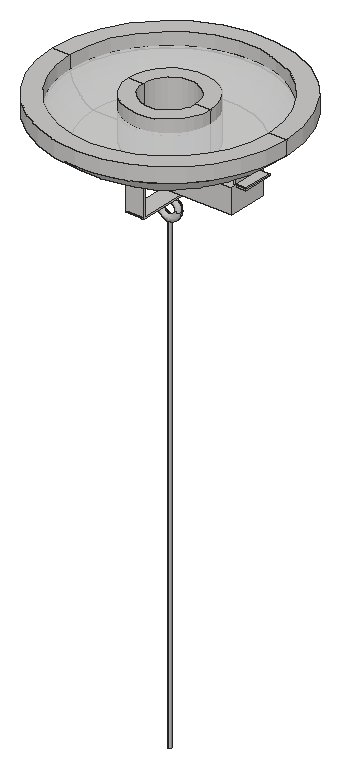
Revit family "0039316", category Lighting Fixtures, host Face, Revit 2017
Family settings
  Host = Face
  Round Connector Dimension = Use Diameter
  Part Type = Normal
  OmniClass Number = 23.80.70.11.17
  OmniClass Title = Specialized Lighting by Location or Use
  Cut with Voids When Loaded = No
  Light Source = Yes
  Shared = No
  Room Calculation Point = No
Parameters (values of type "START LED HIGHBAY 4000K 20KLM WIDE DALI")
  Weight = 4.5 kg
  Wattage = 190.012 W
  built-in parameter 1150110 = 1 (stored number, unit not read)
  Voltage Comments = "UNV (Universal Voltage; 220-240 Volt)"  # constant formula
  Voltage = 230 V  # constant formula
  URL = "https://www.sylvania-lighting.com"
  Radius = 200.0 mm
  Mounting Material = Metal_Sylvania_Start LED HighBay_Silver
  Mounting Height = 1000.0 mm
  Mounting Radius = 50.0 mm
  Mounting Brackets Distance = Radius - 68.0 mm  # 132.0 mm
  Mounting Bracket Width = Diameter - 250.0 mm  # 150.0 mm
  Mounting Bracket Length = 30.0 mm
  Housing Material = Magnesium_Sylvania_Start LED HighBay_Silver_RAL 9006
  Energy Class = "A++,A+,A"  # constant formula
  Electrical Protection = "CLASS I"  # constant formula
  Diffuser Radius = Radius - 30.0 mm  # 170.0 mm
  built-in parameter 1114217 = 1 (stored number, unit not read)
  Tilt Angle = -90°
  built-in parameter 1150109 = 1 (stored number, unit not read)
  built-in parameter 1150134 = 12
  built-in parameter 1150113 = 1 (stored number, unit not read)
  Product Page URL = "https://www.sylvania-lighting.com/product/en-int/products/0039316"
  Product Family = "Start LED Highbay"  # constant formula
  Photometry Comments = ""
  Photometric Web File = "0039316_STARTLEDHIGHBAY4000K20KLMWIDEDALI-207930.ies"
  Life = "50 000 h"  # constant formula
  IP Rating = "IP65"  # constant formula
  IK Rating = "IK08"  # constant formula
  Emit from Circle Diameter = Diffuser Diameter  # 340.0 mm
  Drive Current = "4200 mA"
  Diffuser Diameter = Diameter - 60.0 mm  # 340.0 mm
  Diffuser Material = Polycarbonate_Sylvania_Start LED HighBay_Clear
  built-in parameter 1114216 [instance] = 1 (stored number, unit not read)
  Model = "START LED HIGHBAY 4000K 20KLM WIDE DALI"
  Manufacturer = "Feilo-Sylvania Group"
  built-in parameter 1150105 = 1716.8 (stored number, unit not read)
  Lumens = 21574 lm
  built-in parameter 1150115 = 1 (stored number, unit not read)
  built-in parameter 1150137 = (empty or 0)
  built-in parameter 1150139 = (empty or 0)
  built-in parameter 1150112 = 1 (stored number, unit not read)
  built-in parameter 1150114 = 1 (stored number, unit not read)
  Lamp = "LED Panel"  # constant formula
  built-in parameter 1150132 = 2
  built-in parameter 1150102 = (empty or 0)
  built-in parameter 1150107 = 4000 (stored number, unit not read)
  built-in parameter 1150138 = (empty or 0)
  built-in parameter 1150106 = 17.168 (stored number, unit not read)
  Diameter = Radius * 2  # 400.0 mm
  Emit Shape Visible in Rendering = yes
  built-in parameter 1150104 = 10.548 (stored number, unit not read)
  Dimming Lamp Color Temperature Shift = <None>
  Description = "The new Start LED Highbay is a range of industrial fixtures developed for retail, industry, manufacturing, airports and data centres. Start LED Highbay delivers high performance: up to 21,573 lm (luminaire lumen output on 190W version) and delivers up to 114 lm/W (total system efficiency). Start LED Highbay is available in 2 versions (95W or 190W) and 2 beam angles (medium or wide beam), allowing you to choose the best option depending the job on hand. Being part of the EVO LED range of luminaires means Start LED Highbay has been developed for efficiency, functionality and reliability; making it the go-to range for installers and contractors."  # constant formula
  Default Elevation = 0.0 mm
  Color Filter = 16777215
  Catalog Number = "0039316 START LED HIGHBAY 4000K 20KLM WIDE DALI"
  built-in parameter 1140040 [instance] = 1
  Beam Angle = 85°
  built-in parameter 1114218 = 1 (stored number, unit not read)
  built-in parameter 1150133 = 10 (stored number, unit not read)
  Assembly Code = "D5020200"
  Apparent Load Comments = ""
  Apparent Load = 190 VA
Reference planes
  plane 1 "Center (Front/Back)": y = 0
  plane 2 "Fixture Top": z = 0
  plane 3 "Center (Left/Right)": x = 0
  plane 4 "Fixture Bottom": z = 1000
  plane 5: z = 975
  plane 6 "Head Top": z = 927
  plane 7: z = 979
  plane 8: z = 826
  plane 9: z = 917.5
  plane 10: z = 875
  plane 11: z = 846
  plane 12: z = 929
  plane 13: y = -75
  plane 14: y = 75
  plane 15: x = 15
  plane 16: x = -15
  plane 17: y = -25
  plane 18: y = 25
  plane 19: x = -132
  plane 20: x = 132
  plane 21: y = 33
  plane 22: y = -33
Forms (mm)
  Revolve 1, solid, material "Magnesium_Sylvania_Start LED HighBay_Silver_RAL 9006" <- "Housing Material", detail levels fine
    sketch origin (0, 0, 0) x (1, 0, 0) y (0, 0, 1)
      loop
        line (-200, 1000) -> (-200, 975)
        arc (-200, 975) -> (-167.487, 948.894) -> (-132, 927) r 337.238
        line (-132, 927) -> (-45, 927) -> (-45, 1000) -> (-70, 1000) -> (-70, 929) -> (-132, 929)
        arc (-132, 929) -> (-157.023, 947.025) -> (-170, 975) r 60.868
        line (-170, 975) -> (-170, 1000) -> (-200, 1000)
      axis (0, 1000) -> (0, 927)
    angle from 0 to 360
  Extrusion 2, solid, material "Metal_Sylvania_Start LED HighBay_Silver" <- "Mounting Material", detail levels fine
    sketch origin (0, 0, 0) x (0, 1, 0) y (0, 0, 1)
      loop
        line (75, 927) -> (73, 927) -> (73, 850)
        arc (73, 850) -> (72.414, 848.586) -> (71, 848) r 2
        line (71, 848) -> (-71, 848)
        arc (-71, 848) -> (-72.414, 848.586) -> (-73, 850) r 2
        line (-73, 850) -> (-73, 927) -> (-75, 927) -> (-75, 848)
        arc (-75, 848) -> (-74.414, 846.586) -> (-73, 846) r 2
        line (-73, 846) -> (73, 846)
        arc (73, 846) -> (74.414, 846.586) -> (75, 848) r 2
        line (75, 848) -> (75, 927)
    from -15 to 15
  Sweep 3, solid, material "Metal_Sylvania_Start LED HighBay_Silver" <- "Mounting Material", detail levels fine
    path origin (0, 0, 0) x (1, 0, 0) y (0, 0, 1)
      loop
        circle (0, 826) r 15
    profile origin (0, 0, 841) x (0, 0, -1) y (0, -1, 0)
      loop
        circle (0, 0) r 5
  Extrusion 4, solid, material "Magnesium_Sylvania_Start LED HighBay_Silver_RAL 9006" <- "Housing Material", detail levels fine
    sketch origin (0, 0, 0) x (1, 0, 0) y (0, 0, 1)
      loop
        line (-132, 927) -> (-132, 919.5) -> (-150, 919.5) -> (-150, 917.5) -> (-130, 917.5) -> (-130, 925) -> (-112, 925) -> (-112, 927) -> (-132, 927)
      loop
        line (132, 927) -> (112, 927) -> (112, 925) -> (130, 925) -> (130, 917.5) -> (150, 917.5) -> (150, 919.5) -> (132, 919.5) -> (132, 927)
    from -25 to 25
  Extrusion 5, solid, material "Magnesium_Sylvania_Start LED HighBay_Silver_RAL 9006" <- "Housing Material", detail levels fine
    sketch origin (0, 0, 0) x (0, 1, 0) y (0, 0, 1)
      loop
        line (33, 875) -> (33, 917.5) -> (-33, 917.5) -> (-33, 875) -> (33, 875)
    from -132 to 132
  Extrusion 6, solid, material "Magnesium_Sylvania_Start LED HighBay_Silver_RAL 9006" <- "Housing Material", detail levels fine
    sketch origin (0, 0, 0) x (1, 0, 0) y (0, 0, 1)
      loop
        line (-150, 917.5) -> (-150, 915.5) -> (-132, 915.5) -> (-132, 917.5) -> (-150, 917.5)
      loop
        line (150, 917.5) -> (132, 917.5) -> (132, 915.5) -> (150, 915.5) -> (150, 917.5)
    from -25 to 25
  Extrusion 7, solid, material "Metal_Sylvania_Start LED HighBay_Silver" <- "Mounting Material", detail levels fine
    sketch origin (0, 0, 13.919) x (0, -1, 0) y (1, 0, 0)
      loop
        circle (0, 0) r 3
    from -13.919 to 797.081
  Extrusion 8, solid, material "Polycarbonate_Sylvania_Start LED HighBay_Clear" <- "Diffuser Material", detail levels fine
    sketch origin (0, 0, 15) x (0, -1, 0) y (1, 0, 0)
      loop
        circle (0, 0) r 170
      loop
        circle (0, 0) r 70
    from 960 to 964
  Extrusion 9, solid, material "Metal_Sylvania_Start LED HighBay_Silver" <- "Mounting Material", detail levels coarse+medium
    sketch origin (0, 0, 15) x (0, -1, 0) y (1, 0, 0)
      loop
        line (-75, -15) -> (75, -15) -> (75, 15) -> (-75, 15) -> (-75, -15)
    from 831 to 912
  Revolve 10, solid, material "Magnesium_Sylvania_Start LED HighBay_Silver_RAL 9006" <- "Housing Material", detail levels coarse+medium
    sketch origin (0, 0, 0) x (1, 0, 0) y (0, 0, 1)
      loop
        line (-200, 1000) -> (-200, 975)
        arc (-200, 975) -> (-167.487, 948.894) -> (-132, 927) r 337.238
        line (-132, 927) -> (0, 927) -> (0, 1000) -> (-200, 1000)
      axis (0, 1000) -> (0, 927)
    angle from 0 to 360
Cuts and joins
  joined: Extrusion 5, Extrusion 6
  joined: Sweep 3, Extrusion 7
Lines and regions (mm)
  model lines, detail levels coarse+medium
    curve 1: line (0, 0, 846) -> (0, 0, 0)
Dimensions and locks
  "Radius": plane 3 "Center (Left/Right)" to Revolve 1 sketch curve
  "Diffuser Radius": plane 3 "Center (Left/Right)" to Revolve 1 sketch curve
  equal spacing: plane 14, plane 1 "Center (Front/Back)", plane 13
  "Mounting Bracket Width": plane 14 to plane 13
  locked: plane 14 to Extrusion 2 sketch curve at 2
  locked: Extrusion 2 sketch curve to plane 13 at 2
  locked: Extrusion 2 sketch curve to plane 11 at 2
  equal spacing: plane 16, plane 3 "Center (Left/Right)", plane 15
  "Mounting Bracket Length": plane 16 to plane 15
  locked: plane 9 to Extrusion 4 sketch curve at 2  (x2)
  locked: Extrusion 4 sketch curve to plane 6 "Head Top" at 2  (x2)
  Extrusion 4 sketch curve to Extrusion 4 sketch curve to Extrusion 4 sketch curve to Extrusion 4 sketch curve = 18.0 mm locked, 2.0 mm locked, 18.0 mm locked  (x2)
  "Mounting Brackets Distance": Extrusion 4 sketch curve to plane 3 "Center (Left/Right)"  (x2)
  plane 1 "Center (Front/Back)" to Extrusion 5 sketch curve = 33.0 mm
  Extrusion 5 sketch curve to plane 1 "Center (Front/Back)" = 33.0 mm
  locked: plane 9 to Extrusion 6 sketch curve at 2
  locked: Extrusion 6 sketch curve to Extrusion 6 sketch curve at 2
  locked: plane 8 to Extrusion 7 at 15
  "Mounting Height": plane 4 "Fixture Bottom" to plane 2 "Fixture Top"
  locked: Revolve 1 sketch curve to Revolve 1 sketch curve at 68  (x2)
  equal spacing: plane 20, plane 3 "Center (Left/Right)", plane 19
  "Mounting Brackets Distance": plane 3 "Center (Left/Right)" to plane 19
  Revolve 1 sketch curve to Revolve 1 sketch curve to Revolve 1 sketch curve = 130.0 mm locked, 25.0 mm locked
  locked: Revolve 10 sketch curve to Revolve 10 sketch curve at 68
  "Radius": Revolve 10 sketch curve to Revolve 10 sketch curve
  plane 21 to plane 18 to plane 1 "Center (Front/Back)" to plane 17 to plane 22 = 8.0 mm locked, 25.0 mm locked, 25.0 mm locked, 8.0 mm locked
  plane 4 "Fixture Bottom" to plane 7 to plane 5 to plane 12 to plane 6 "Head Top" to plane 9 to plane 10 to plane 11 to plane 8 = 21.0 mm locked, 4.0 mm locked, 46.0 mm locked, 2.0 mm locked, 9.5 mm locked, 42.5 mm locked, 29.0 mm locked, 20.0 mm locked
  "Diffuser Diameter": diameter of Extrusion 8 sketch curve
  aligned and locked: plane 2 "Fixture Top" to host face
  aligned and locked: level to host face
  aligned and locked: plane 1 "Center (Front/Back)" to imposter light
  aligned and locked: Revolve 1 sketch curve to plane 6 "Head Top"
  aligned and locked: plane 5 to Revolve 1 sketch curve
  aligned and locked: plane 4 "Fixture Bottom" to Revolve 1 sketch curve
  aligned and locked: Revolve 1 sketch curve to plane 12
  aligned and locked: Extrusion 2 sketch curve to plane 14
  aligned and locked: plane 13 to Extrusion 2 sketch curve
  aligned and locked: plane 6 "Head Top" to Extrusion 2 sketch curve
  aligned and locked: Extrusion 2 sketch curve to plane 11
  aligned and locked: Extrusion 2 to plane 15
  aligned and locked: plane 16 to Extrusion 2
  aligned and locked: plane 17 to Extrusion 4
  aligned and locked: plane 18 to Extrusion 4
  aligned and locked: plane 9 to Extrusion 5 sketch curve
  aligned and locked: Extrusion 5 sketch curve to plane 10
  aligned and locked: Extrusion 6 sketch curve to Extrusion 4  (x4)
  aligned and locked: plane 19 to Extrusion 6 sketch curve
  aligned and locked: Extrusion 6 sketch curve to plane 20
  aligned and locked: plane 18 to Extrusion 6
  aligned and locked: plane 17 to Extrusion 6
  aligned and locked: cut or joined group of Sweep 3, Extrusion 7 to plane 2 "Fixture Top"
  aligned and locked: plane 7 to Extrusion 8
  aligned and locked: Extrusion 8 to plane 5
  aligned and locked: imposter light to plane 4 "Fixture Bottom"
  aligned and locked: plane 3 "Center (Left/Right)" to imposter light
  aligned and locked: plane 15 to Extrusion 9 sketch curve
  aligned and locked: Extrusion 9 sketch curve to plane 16
  aligned and locked: plane 14 to Extrusion 9 sketch curve
  aligned and locked: Extrusion 9 sketch curve to plane 13
  aligned and locked: plane 6 "Head Top" to Extrusion 9
  aligned and locked: Extrusion 9 to plane 11
  aligned and locked: plane 2 "Fixture Top" to curve 1
  aligned and locked: curve 1 to plane 3 "Center (Left/Right)"
  aligned and locked: plane 22 to Extrusion 5
  aligned and locked: plane 21 to Extrusion 5
  aligned and locked: plane 19 to cut or joined group of Extrusion 5, Extrusion 6
  aligned and locked: plane 20 to cut or joined group of Extrusion 5, Extrusion 6
  aligned and locked: imposter light to Revolve 1 sketch curve
  aligned and locked: Extrusion 8 sketch curve to Revolve 1  (x2)
  aligned and locked: imposter light to Revolve 10 sketch curve
Automatic sketch dimensions
  host sketch curve to host sketch curve = 1305.563 mm
  host sketch curve to host sketch curve = 1283.632 mm
  Extrusion 2 sketch curve to plane 6 "Head Top" = 0.0 mm
  Extrusion 2 sketch curve to plane 13 = 2.0 mm
  Extrusion 2 sketch curve to Extrusion 2 sketch curve = 2.0 mm  (x2)
  plane 14 to Extrusion 2 sketch curve = 2.0 mm
  Sweep 3 sketch curve to plane 3 "Center (Left/Right)" = 0.0 mm
  Sweep 3 sketch curve to plane 8 = 0.0 mm
  Sweep 3 sketch curve to plane 1 "Center (Front/Back)" = 0.0 mm
  Sweep 3 sketch curve to profile plane = 0.0 mm
  plane 1 "Center (Front/Back)" to Extrusion 7 sketch curve = 0.0 mm
  Extrusion 7 sketch curve to plane 3 "Center (Left/Right)" = 0.0 mm
  curve 1 to plane 11 = 0.0 mm
  Revolve 1 sketch curve to plane 3 "Center (Left/Right)" = 0.0 mm
  Revolve 1 sketch curve to plane 5 = 0.0 mm
  plane 7 to Revolve 1 sketch curve = 6.79 mm
  Revolve 1 sketch curve to plane 15 = 11.993 mm
  Revolve 1 sketch curve to level = 372.274 mm
  Revolve 1 sketch curve to Revolve 1 sketch curve = 171.562 mm
  Extrusion 4 sketch curve to plane 9 = 0.0 mm  (x2)
  Extrusion 4 sketch curve to plane 6 "Head Top" = 0.0 mm  (x2)
  Extrusion 8 sketch curve to Extrusion 8 sketch curve = 0.0 mm  (x2)
  Revolve 10 sketch curve to plane 3 "Center (Left/Right)" = 0.0 mm
  Revolve 10 sketch curve to plane 6 "Head Top" = 0.0 mm
  Revolve 10 sketch curve to plane 5 = 0.0 mm
  Revolve 10 sketch curve to plane 4 "Fixture Bottom" = 0.0 mm
  Revolve 10 sketch curve to plane 15 = 11.993 mm
  Revolve 10 sketch curve to level = 372.274 mm
  Revolve 10 sketch curve to Revolve 10 sketch curve = 171.562 mm
  radius of Sweep 3 sketch curve = 15.0 mm
  radius of Sweep 3 sketch curve = 5.0 mm
  radius of Extrusion 7 sketch curve = 3.0 mm
Connectors
  electrical at (0, 0, 0), driven by "Voltage", driven by "Apparent Load"
    settings: on cut or joined group of Sweep 3, Extrusion 7, index 1, voltage 230 V, apparent load 0 VA, apparent load phase1 190 VA, apparent load phase2 0 VA, apparent load phase3 0 VA, power factor 1, load classification "Lighting", number of poles 1, system type 31, power factor state 1, is connector primary yes, connector utility no, sub classification motor no, connector description ""
